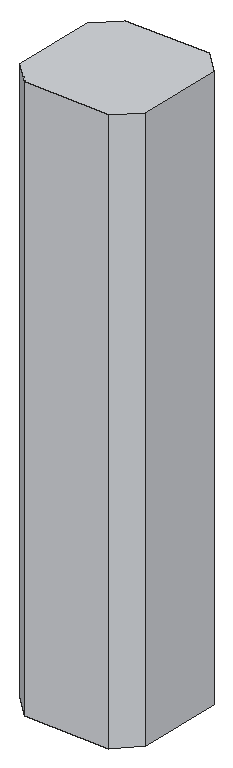
Revit family "5abd313ca3195bb7c46b99cf50d73354a2686976_new", category Columns, Revit 2018
Family settings
  OmniClass Number = 23.25.30.11.14.11
  OmniClass Title = Columns
  Cut with Voids When Loaded = No
  Automatically joins geometry to walls = Yes
  Shared = No
  Show family pre-cut in plan views = Yes
Parameters (values of type "24" x 24"")
  Wire Diameter - Electrical = 0.000000"
  Weight per Unit Length - Structural = 0.00 lbf/ft
  Weight - Structural = 0.00 lbf
  Wattage - Electrical = 0 W
  Warping Constant - Structural = 0
  Velocity - Structural = 0
  Unit Weight - Structural = 0 N/m³
  Thermal Expansion Coefficient - Structural = 0
  Temperature Difference - Electrical = 0
  Temperature - Electrical = -1287.076 °F
  Surface Area per Unit Length - Structural = 0
  Stress - Structural = 0
  Section Property - Structural = 0.000"
  Section Modulus - Structural = 0
  Section Dimension - Structural = 0' - 0"
  Rotational Point Spring Coefficient - Structural = 0
  Rotational Line Spring Coefficient - Structural = 0
  Rotation - Structural = 0
  Reinforcement Volume - Structural = 0
  Reinforcement Spacing - Structural = 0' - 0"
  Reinforcement Length - Structural = 0' - 0"
  Reinforcement Cover - Structural = 0' - 0"
  Reinforcement Area per Unit Length = 0
  Reinforcement Area - Structural = 0.00 in²
  Pulsation - Structural = 0
  Power Density - Electrical = 0
  Power - Electrical = 0 W
  Point Spring Coefficient - Structural = 0
  Period - Structural = 0.0 s
  Number of Poles - Electrical = 1
  Moment of Inertia - Structural = 0
  Moment - Structural = 0 N·m
  Mass per Unit Length - Structural = 0
  Mass per Unit Area - Structural = 0
  Mass - Structural = 0.00 lbm
  Luminous Intensity - Electrical = 0 cd
  Luminous Flux - Electrical = 0 lm
  Luminance - Electrical = 0 cd/m²
  Load Classification = none
  Linear Moment - Structural = 0
  Linear Force - Structural = 0 N/m
  Line Spring Coefficient - Structural = 0.0 ksf
  Illuminance - Electrical = 0 lx
  Frequency - Structural = 0.0 Hz
  Frequency - Electrical = 0 Hz
  Force -  Structural = 0.00 kip
  Electrical Resistivity - Electrical = 0
  Electrical Potential - Electrical = 0 V
  Efficacy - Electrical = 0 lm/W
  Displacement/Deflection - Structural = 0.00"
  Demand Factor - Electrical = 0.00%
  Current - Electrical = 0 A
  Crack Width - Structural = 0.00"
  Conduit Size - Electrical = 0"
  Color Temperature - Electrical = 0 K
  Cable Tray Size - Electrical = 0"
  Bar Diameter - Structural = 0' - 0"
  Assembly Code = "B1010200"
  Chamfer = 0' - 4"
  Depth = 2' - 0"
  Material = none
  Offset Base = 0' - 0"
  Offset Top = 0' - 0"
  Width = 2' - 0"
  Area Spring Coefficient - Structural = 0
  Area Force - Structural = 0.0000 ksf
  Apparent Power - Electrical = 0 VA
  Acceleration - Structural = 0
Types (3): name | Wire Diameter - Electrical | Weight per Unit Length - Structural | Weight - Structural | Wattage - Electrical | Warping Constant - Structural | Velocity - Structural | Unit Weight - Structural | Thermal Expansion Coefficient - Structural | Temperature Difference - Electrical | Temperature - Electrical | Surface Area per Unit Length - Structural | Stress - Structural | Section Property - Structural | Section Modulus - Structural | Section Dimension - Structural | Rotational Point Spring Coefficient - Structural | Rotational Line Spring Coefficient - Structural | Rotation - Structural | Reinforcement Volume - Structural | Reinforcement Spacing - Structural | Reinforcement Length - Structural | Reinforcement Cover - Structural | Reinforcement Area per Unit Length | Reinforcement Area - Structural | Pulsation - Structural | Power Density - Electrical | Power - Electrical | Point Spring Coefficient - Structural | Period - Structural | Moment of Inertia - Structural | Moment - Structural | Mass per Unit Length - Structural | Mass per Unit Area - Structural | Mass - Structural | Luminous Intensity - Electrical | Luminous Flux - Electrical | Luminance - Electrical | Load Classification | Linear Moment - Structural | Linear Force - Structural | Line Spring Coefficient - Structural | Illuminance - Electrical | Frequency - Structural | Frequency - Electrical | Force -  Structural | Electrical Resistivity - Electrical | Electrical Potential - Electrical | Efficacy - Electrical | Displacement/Deflection - Structural | Demand Factor - Electrical | Current - Electrical | Crack Width - Structural | Conduit Size - Electrical | Color Temperature - Electrical | Cable Tray Size - Electrical | Bar Diameter - Structural | Chamfer | Depth | Offset Base | Offset Top | Width | Area Spring Coefficient - Structural | Area Force - Structural | Apparent Power - Electrical | Acceleration - Structural
  24" x 24" | 0.000000" | 0.00 lbf/ft | 0.00 lbf | 0 W | 0 | 0 | 0 N/m³ | 0 | 0 | -1287.076 °F | 0 | 0 | 0.000" | 0 | 0' - 0" | 0 | 0 | 0 | 0 | 0' - 0" | 0' - 0" | 0' - 0" | 0 | 0.00 in² | 0 | 0 | 0 W | 0 | 0.0 s | 0 | 0 N·m | 0 | 0 | 0.00 lbm | 0 cd | 0 lm | 0 cd/m² | none | 0 | 0 N/m | 0.0 ksf | 0 lx | 0.0 Hz | 0 Hz | 0.00 kip | 0 | 0 V | 0 lm/W | 0.00" | 0.00% | 0 A | 0.00" | 0" | 0 K | 0" | 0' - 0" | 0' - 4" | 2' - 0" | 0' - 0" | 0' - 0" | 2' - 0" | 0 | 0.0000 ksf | 0 VA | 0
  18" x 24" | 0.000000" | 0.00 lbf/ft | 0.00 lbf | 0 W | 0 | 0 | 0 N/m³ | 0 | 0 | -1287.076 °F | 0 | 0 | 0.000" | 0 | 0' - 0" | 0 | 0 | 0 | 0 | 0' - 0" | 0' - 0" | 0' - 0" | 0 | 0.00 in² | 0 | 0 | 0 W | 0 | 0.0 s | 0 | 0 N·m | 0 | 0 | 0.00 lbm | 0 cd | 0 lm | 0 cd/m² | none | 0 | 0 N/m | 0.0 ksf | 0 lx | 0.0 Hz | 0 Hz | 0.00 kip | 0 | 0 V | 0 lm/W | 0.00" | 0.00% | 0 A | 0.00" | 0" | 0 K | 0" | 0' - 0" | 0' - 2" | 1' - 6" | 0' - 0" | 0' - 0" | 2' - 0" | 0 | 0.0000 ksf | 0 VA | 0
  18" x 18" | 12.000000" | 0.0685218 lbf/ft | 0.0685218 lbf | 0.092903 W | 2985984.00 in6 | 1.0 ft/s | 10.764 N/m³ | 0.55556 1/°F | 2 °F | -457.87 °F | 1.00 ft²/ft | 0.00 ksi | 12.000" | 1728.00 in³ | 1' - 0" | 0.0 kip-ft/° | 0.0 kip-ft/°/ft | 1.000 rad | 1728.00 in³ | 1' - 0" | 1' - 0" | 1' - 0" | 144.00 in²/ft | 144.00 in² | 1.0 rad/s | 0.09 W/ft² | 0.092903 W | 0.0 kip/in | 1.0 s | 20736.00 in4 | 0.092903 N·m | 2.20 lb/ft | 2.20 lb/ft² | 2.20462 lbm | 1 cd | 1 lm | 10.7639 cd/m² | Lighting | 0.00 kip-ft/ft | 1 N/m | 0.000068522 ksf | 10.7639 lx | 1.0 Hz | 1 Hz | 0.000068522 kip | 0.0283 ohm·m | 0.092903 V | 10.7639 lm/W | 12.00" | 100.00% | 1 A | 12.00" | 12" | 1 K | 12" | 1' - 0" | 0' - 6" | 2' - 2" | 0' - 6" | 0' - 6" | 2' - 2" | 1.0 kip/ft³ | 0.000068522 ksf | 0.092903 VA | 1.0 ft/s²
Reference planes (in)
  plane 1: y = 0
  plane 2: z = 0
  plane 3: x = 0
  plane 4: z = 108
  plane 5: z = 0
  plane 6: y = 12
  plane 7: y = -12
  plane 8: x = -12
  plane 9: x = 12
Forms (in)
  Extrusion 1, solid, material <- "Material"
    sketch origin (0, 0, 0) x (1, 0, 0) y (0, 1, 0)
      loop
        line (-12, 8) -> (-12, -8) -> (-8, -12) -> (8, -12) -> (12, -8) -> (12, 8) -> (8, 12) -> (-8, 12) -> (-12, 8)
    from 0 to 108
Dimensions and locks (in)
  "Offset Base": plane 5 to plane 2
  "Offset Top": level to plane 4
  "Width": plane 8 to plane 9
  equal spacing: plane 8, plane 3, plane 9
  "Depth": plane 7 to plane 6
  equal spacing: plane 7, plane 1, plane 6
  "Chamfer": plane 8 to Extrusion 1 sketch curve  (x2)
  "Chamfer": Extrusion 1 sketch curve to plane 6  (x2)
  "Chamfer": plane 7 to Extrusion 1 sketch curve  (x2)
  "Chamfer": Extrusion 1 sketch curve to plane 9  (x2)
  aligned and locked: plane 4 to Extrusion 1
  aligned and locked: Extrusion 1 to plane 5
  aligned and locked: level to plane 2
Automatic sketch dimensions
  Extrusion 1 sketch curve to plane 8 = 0' - 0"
  Extrusion 1 sketch curve to plane 6 = 0' - 0"
  Extrusion 1 sketch curve to plane 7 = 0' - 0"
  Extrusion 1 sketch curve to plane 9 = 0' - 0"
